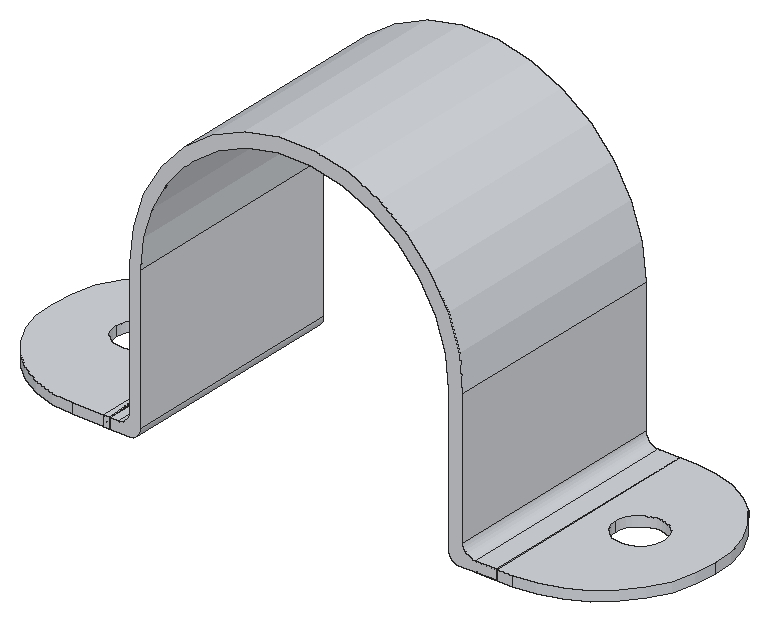
Revit family "PS2G", category Generic Models, Revit 2017
Family settings
  Can host rebar = No
  Round Connector Dimension = Use Diameter
  Part Type = Normal
  Work Plane-Based = Yes
  Always vertical = No
  Cut with Voids When Loaded = No
  Shared = No
  Room Calculation Point = No
Parameters (values of type "NBS Standard Parameters")
  Weight = "0.018Kg"
  WarrantyStartDate [instance] = "1900-12-31T23:59:59"
  WarrantyGuarantorParts = "n/a"
  WarrantyGuarantorLabor = "n/a"
  WarrantyDurationUnit = "year"
  WarrantyDurationParts = "n/a"
  WarrantyDurationLabor = "n/a"
  WarrantyDescription = "n/a"
  Version = "1"
  Uniclass2 = "Pr_65_70_11_20"
  TagNumber [instance] = "n/a"
  SustainabilityPerformance = "n/a"
  Size = "25mm"
  Shape = "n/a"
  SerialNumber [instance] = "n/a"
  Revision = "n/a"
  ReplacementCost = "n/a"
  ProductInformation = "www.metpro.co.uk/pdf/PS2G.pdf"
  NominalWidth = 19 mm
  NominalLength = 60 mm
  NominalHeight = 26 mm
  Name = ""
  NBSTypeID = ""
  NBSReference = "90-55-10/460"
  NBSOfficeMasterTag = ""
  NBSNote = ""
  NBSDescription = "Conduit Fittings"
  NBSCertification = ""
  ModelReference = "PS2G"
  ModelNumber = "n/a"
  Material = "Pressed Steel"
  ManufacturerURL = "www.metpro.co.uk"
  ManufacturerName = "Metpro Ltd"
  Keynote = "Compliant to LU Standard 1-085"
  InstallationDate [instance] = "1900-12-31T23:59:59"
  IfcExportType = ""
  IfcExportAs = ""
  Grade = "n/a"
  Finish = "BZP"
  Features = "n/a"
  ExpectedLife = "n/a"
  DurationUnit = "year"
  Description = "PS2G - 25mm Plain Saddle"
  Default Elevation = 1219.2 mm
  Constituents = "n/a"
  Color = "n/a"
  CodePerformance = "n/a"
  Category = "n/a"
  BarCode [instance] = "n/a"
  BIMObjectName = "Metpro_metprolibrary_Conduitfittings_metalcomponent_steelaccessories"
  Author = "Metpro Ltd"
  AssetType = ""
  AssetIdentifier [instance] = "n/a"
  AccessibilityPerformance = "n/a"
Reference planes
  plane 1 "Center (Front/Back)": y = 0
  plane 2: z = 0
  plane 3 "Center (Left/Right)": x = 0
Forms (mm)
  Extrusion 1, solid
    sketch origin (0, 13.327, 5.173) x (1, 0, 0) y (0, 0, 1)
      loop
        line (12.5, 3.437) -> (12.5, -8.137)
        arc (12.5, -8.137) -> (12.734, -8.702) -> (13.3, -8.937) r 0.8
        line (13.3, -8.937) -> (16.361, -8.937) -> (16.361, -8.137) -> (14.599, -8.137)
        arc (14.599, -8.137) -> (13.908, -7.851) -> (13.622, -7.16) r 0.977
        line (13.622, -7.16) -> (13.622, 3.607)
        arc (13.622, 3.607) -> (0.122, 17.107) -> (-13.378, 3.607) r 13.5
        line (-13.378, 3.607) -> (-13.378, -7.165)
        arc (-13.378, -7.165) -> (-13.662, -7.852) -> (-14.35, -8.137) r 0.972
        line (-14.35, -8.137) -> (-15.468, -8.137) -> (-15.468, -8.953) -> (-13.355, -8.953)
        arc (-13.355, -8.953) -> (-12.75, -8.703) -> (-12.5, -8.099) r 0.855
        line (-12.5, -8.099) -> (-12.5, 3.438)
        arc (-12.5, 3.438) -> (0, 15.937) -> (12.5, 3.437) r 12.5
    from 0 to 18.5
  Extrusion 2, solid
    sketch origin (-13.378, 13.327, -2.963) x (-1, 0, 0) y (0, -1, 0)
      loop
        line (4.598, 18.5) -> (1.646, 18.5) -> (1.646, 0) -> (4.615, 0)
        arc (4.615, 0) -> (11.059, 2.723) -> (13.599, 9.241) r 8.987
        arc (13.599, 9.241) -> (11.054, 15.772) -> (4.598, 18.5) r 9.004
      loop
        line (-31.059, 0) -> (-28.144, 0) -> (-28.144, 18.5) -> (-31.033, 18.5)
        arc (-31.033, 18.5) -> (-37.494, 15.771) -> (-40.042, 9.237) r 9.012
        arc (-40.042, 9.237) -> (-37.501, 2.721) -> (-31.059, 0) r 8.986
    from 0 to -0.8
  Extrusion 3, void
    sketch origin (-13.378, 13.327, -3.763) x (-1, 0, 0) y (0, -1, 0)
      loop
        circle (6.727, 8.987) r 2
      loop
        circle (-33.727, 8.987) r 2
    from 0 to 5.193
Cuts and joins
  Extrusion 3 cuts Extrusion 2
Dimensions and locks
  aligned and locked: level to plane 2
